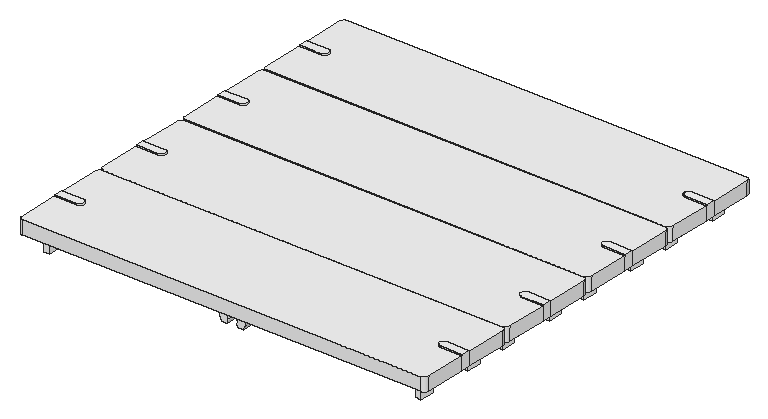
Revit family "Gira_5034219", category Electrical Fixtures, host Face, Revit 2017
Family settings
  Host = Face
  Maintain Annotation Orientation = No
  Round Connector Dimension = Use Diameter
  Part Type = Normal
  Cut with Voids When Loaded = No
  Shared = No
  Room Calculation Point = No
Parameters (values of type "rocker set 4-g inscr. PB sens.4 TS4 stainl.steel")
  URL = "https://www.gira.de/"
  Type Comments = ""
  Transparent = no
  Radio frequent bidirectional = no
  Model = ""
  Material quality = "Stainless steel"
  Material = "Metal"
  Manufacturer = "Gira"
  Keynote = ""
  HeinzeBIM = "https://www.heinze.de/bim/rocker-set-4-g-inscr-pb-sens-4-ts4-stainl-steel/b8be86abded098f9da8aa2fadabfccfd1aed0b71"
  HAN = "5034219"
  GTIN = "4010337072584"
  Description = ""
  Default Elevation = 1219.2 mm
  Cost = 0
  Colour = "Stainless steel"
  BIMSITE_PRODUCT_ID = "b8be86abded098f9da8aa2fadabfccfd1aed0b71"
  BIM = "https://media.live.bim.site/t/eyJhbGciOiJIUzI1NiIsInR5cCI6IkpXVCJ9.eyJjdCI6MSwidGYiOiJwdWJsaWMvZ2lyYS8wOWY1ZGI1LzQwXzUwMjEwMCBUUzQgV2lwcGVuc2V0IDRmYWNoLnJmYSIsImNpZCI6ImZlZDk4ZTlhLTFiZDgtNGM2OC1hNzNiLTc0YTk0ZTMxNTgyMyIsInJpZCI6Ijc3ODVhMjAzYjBjODBlZjRhZGY0ODhmOGJiZmNiMjA2IiwicGlkIjoiYjhiZTg2YWJkZWQwOThmOWRhOGFhMmZhZGFiZmNjZmQxYWVkMGI3MSIsInNpZCI6IjYzNDcwIiwidXQiOjUsImxjIjoiZW4iLCJpYXQiOjE2MDc0NDEwMjMsImlzcyI6Imh0dHBzOi8vYXBpLmxpdmUuYmltLnNpdGUiLCJzdWIiOiI4ZDNhYTVjYi1lMDY2LTQ1OTgtYmUxNi02ZTE2ZWU3NDk1NmEifQ.1jTYUhKOTM4NgYQ-bSbLvUKb3ptHDFtpVOa7AjJCcXI/40_502100 TS4 Wippenset 4fach.rfa"
  Assembly Code = ""
Reference planes
  plane 1 "Center (Front/Back)": y = 0
  plane 2: z = 0
  plane 3 "Center (Left/Right)": x = 0
Dimensions and locks
  aligned and locked: plane 2 to host face
  aligned and locked: level to host face
Nested families
  nested 1: "40_502100 TS4 Wippenset 4fach" at (0, 0, 0), type "40_502100 TS4 Wippenset 4fach"
Definition of nested family "40_502100 TS4 Wippenset 4fach"
  Parameters
    White = none
  Reference planes
    plane 1 "Center (Front/Back)": y = 0
    plane 2: z = 0
    plane 3 "Center (Left/Right)": x = 0
  Forms (mm)
    Extrusion 1, solid, material <- "White", detail levels fine
      sketch origin (0, 0, 0) x (1, 0, 0) y (0, 1, 0)
        loop
          arc (-46.5, 47.5) -> (-47.207, 47.207) -> (-47.5, 46.5) r 1
          line (-47.5, 46.5) -> (-47.5, 36.7) -> (-42.5, 36.7)
          arc (-42.5, 36.7) -> (-41.5, 35.7) -> (-42.5, 34.7) r 1
          line (-42.5, 34.7) -> (-47.5, 34.7) -> (-47.5, 24.95)
          arc (-47.5, 24.95) -> (-47.207, 24.243) -> (-46.5, 23.95) r 1
          line (-46.5, 23.95) -> (46.5, 23.95)
          arc (46.5, 23.95) -> (47.207, 24.243) -> (47.5, 24.95) r 1
          line (47.5, 24.95) -> (47.5, 34.7) -> (42.5, 34.7)
          arc (42.5, 34.7) -> (41.5, 35.7) -> (42.5, 36.7) r 1
          line (42.5, 36.7) -> (47.5, 36.7) -> (47.5, 46.5)
          arc (47.5, 46.5) -> (47.207, 47.207) -> (46.5, 47.5) r 1
          line (46.5, 47.5) -> (-46.5, 47.5)
      from 0 to 3.1
    Extrusion 2, solid, material <- "White", detail levels fine
      sketch origin (0, 0, 0) x (1, 0, 0) y (0, 1, 0)
        loop
          line (43.976, 44.188) -> (-43.976, 44.188) -> (-43.976, 27.198) -> (43.976, 27.198) -> (43.976, 44.188)
      from 0 to -1.5
    Extrusion 3, solid, detail levels fine
      sketch origin (0, 0, 0) x (1, 0, 0) y (0, 0, -1)
        loop
          line (-1.639, 4) -> (-2.5, 4) -> (-3.5, 1.5) -> (3.5, 1.5) -> (2.5, 4) -> (1.639, 4)
          arc (1.639, 4) -> (1.115, 3.694) -> (1.122, 3.087) r 0.603
          arc (1.122, 3.087) -> (-0.011, 1.666) -> (-1.122, 3.087) r 1.145
          arc (-1.122, 3.087) -> (-1.115, 3.694) -> (-1.639, 4) r 0.603
      from 41.985 to 44.199
    Extrusion 4, solid, material <- "White", detail levels medium
      sketch origin (0, 0, 0) x (1, 0, 0) y (0, 1, 0)
        loop
          line (43.976, 44.188) -> (-43.976, 44.188) -> (-43.976, 27.198) -> (43.976, 27.198) -> (43.976, 44.188)
      from 0 to -4
    Extrusion 5, solid, material <- "White", detail levels medium
      sketch origin (0, 0, 0) x (1, 0, 0) y (0, 1, 0)
        loop
          line (-47.5, 47.5) -> (-47.5, 23.95) -> (47.5, 23.95) -> (47.5, 47.5) -> (-47.5, 47.5)
      from 0 to 3.3
    Extrusion 6, solid, material <- "White", detail levels fine
      sketch origin (0, 0, 0) x (1, 0, 0) y (0, 1, 0)
        loop
          line (-43.976, 44.188) -> (-43.976, 40.908) -> (-42.655, 40.908) -> (-42.655, 44.188) -> (-43.976, 44.188)
        loop
          line (43.976, 44.188) -> (42.655, 44.188) -> (42.655, 40.908) -> (43.976, 40.908) -> (43.976, 44.188)
        loop
          line (-43.976, 27.198) -> (-42.655, 27.198) -> (-42.655, 30.479) -> (-43.976, 30.479) -> (-43.976, 27.198)
        loop
          line (43.976, 27.198) -> (43.976, 30.479) -> (42.655, 30.479) -> (42.655, 27.198) -> (43.976, 27.198)
      from 0 to -4
    Extrusion 7, solid, detail levels fine
      sketch origin (0, 35.7, 0) x (1, 0, 0) y (0, 1, 0)
        loop
          line (-47.5, 1) -> (-47.5, -1) -> (-42.5, -1)
          arc (-42.5, -1) -> (-41.5, 0) -> (-42.5, 1) r 1
          line (-42.5, 1) -> (-47.5, 1)
        loop
          line (47.5, 1) -> (42.5, 1)
          arc (42.5, 1) -> (41.5, 0) -> (42.5, -1) r 1
          line (42.5, -1) -> (47.5, -1) -> (47.5, 1)
      from 0 to 3.3
    Extrusion 8, solid, detail levels coarse
      sketch origin (0, 0, 0) x (1, 0, 0) y (0, 1, 0)
        loop
          line (-47.5, 47.5) -> (-47.5, -47.45) -> (47.5, -47.45) -> (47.5, 47.5) -> (-47.5, 47.5)
      from -4 to 3.3
    Extrusion 9, solid, material <- "White", detail levels fine
      sketch origin (0, 35.735, 0) x (1, 0, 0) y (0, 1, 0)
        loop
          line (-41.852, 6.181) -> (-43.976, 4.461) -> (-43.976, -4.461) -> (-41.852, -6.181)
          arc (-41.852, -6.181) -> (-38.884, -6.014) -> (-38.763, -3.043) r 2.212
          line (-38.763, -3.043) -> (-38.763, 3.043)
          arc (-38.763, 3.043) -> (-38.884, 6.014) -> (-41.852, 6.181) r 2.212
        loop
          arc (-39.415, 3.847) -> (-39.669, 5.38) -> (-41.223, 5.404) r 1.212
          line (-41.223, 5.404) -> (-42.938, 4.015) -> (-40.57, 1.883) -> (-39.415, 3.847)
        loop
          line (-39.415, -3.847) -> (-40.57, -1.883) -> (-42.938, -4.015) -> (-41.223, -5.404)
          arc (-41.223, -5.404) -> (-39.669, -5.38) -> (-39.415, -3.847) r 1.212
        loop
          arc (41.852, 6.181) -> (38.884, 6.014) -> (38.763, 3.043) r 2.212
          line (38.763, 3.043) -> (38.763, -3.043)
          arc (38.763, -3.043) -> (38.884, -6.014) -> (41.852, -6.181) r 2.212
          line (41.852, -6.181) -> (43.976, -4.461) -> (43.976, 4.461) -> (41.852, 6.181)
        loop
          line (39.415, 3.847) -> (40.57, 1.883) -> (42.938, 4.015) -> (41.223, 5.404)
          arc (41.223, 5.404) -> (39.669, 5.38) -> (39.415, 3.847) r 1.212
        loop
          arc (39.415, -3.847) -> (39.669, -5.38) -> (41.223, -5.404) r 1.212
          line (41.223, -5.404) -> (42.938, -4.015) -> (40.57, -1.883) -> (39.415, -3.847)
      from 0 to -3.1
    Extrusion 10, solid, material <- "White", detail levels fine
      sketch origin (0, -23.8, 0) x (1, 0, 0) y (0, 1, 0)
        loop
          arc (-46.5, 47.5) -> (-47.207, 47.207) -> (-47.5, 46.5) r 1
          line (-47.5, 46.5) -> (-47.5, 36.7) -> (-42.5, 36.7)
          arc (-42.5, 36.7) -> (-41.5, 35.7) -> (-42.5, 34.7) r 1
          line (-42.5, 34.7) -> (-47.5, 34.7) -> (-47.5, 24.95)
          arc (-47.5, 24.95) -> (-47.207, 24.243) -> (-46.5, 23.95) r 1
          line (-46.5, 23.95) -> (46.5, 23.95)
          arc (46.5, 23.95) -> (47.207, 24.243) -> (47.5, 24.95) r 1
          line (47.5, 24.95) -> (47.5, 34.7) -> (42.5, 34.7)
          arc (42.5, 34.7) -> (41.5, 35.7) -> (42.5, 36.7) r 1
          line (42.5, 36.7) -> (47.5, 36.7) -> (47.5, 46.5)
          arc (47.5, 46.5) -> (47.207, 47.207) -> (46.5, 47.5) r 1
          line (46.5, 47.5) -> (-46.5, 47.5)
      from 0 to 3.1
    Extrusion 11, solid, material <- "White", detail levels fine
      sketch origin (0, -23.8, 0) x (1, 0, 0) y (0, 1, 0)
        loop
          line (43.976, 44.188) -> (-43.976, 44.188) -> (-43.976, 27.198) -> (43.976, 27.198) -> (43.976, 44.188)
      from 0 to -1.5
    Extrusion 12, solid, detail levels fine
      sketch origin (0, -23.8, 0) x (1, 0, 0) y (0, 0, -1)
        loop
          line (-1.639, 4) -> (-2.5, 4) -> (-3.5, 1.5) -> (3.5, 1.5) -> (2.5, 4) -> (1.639, 4)
          arc (1.639, 4) -> (1.115, 3.694) -> (1.122, 3.087) r 0.603
          arc (1.122, 3.087) -> (-0.011, 1.666) -> (-1.122, 3.087) r 1.145
          arc (-1.122, 3.087) -> (-1.115, 3.694) -> (-1.639, 4) r 0.603
      from 41.985 to 44.199
    Extrusion 13, solid, material <- "White", detail levels medium
      sketch origin (0, -23.8, 0) x (1, 0, 0) y (0, 1, 0)
        loop
          line (43.976, 44.188) -> (-43.976, 44.188) -> (-43.976, 27.198) -> (43.976, 27.198) -> (43.976, 44.188)
      from 0 to -4
    Extrusion 14, solid, material <- "White", detail levels medium
      sketch origin (0, -23.8, 0) x (1, 0, 0) y (0, 1, 0)
        loop
          line (-47.5, 47.5) -> (-47.5, 23.95) -> (47.5, 23.95) -> (47.5, 47.5) -> (-47.5, 47.5)
      from 0 to 3.3
    Extrusion 15, solid, material <- "White", detail levels fine
      sketch origin (0, -23.8, 0) x (1, 0, 0) y (0, 1, 0)
        loop
          line (-43.976, 44.188) -> (-43.976, 40.908) -> (-42.655, 40.908) -> (-42.655, 44.188) -> (-43.976, 44.188)
        loop
          line (43.976, 44.188) -> (42.655, 44.188) -> (42.655, 40.908) -> (43.976, 40.908) -> (43.976, 44.188)
        loop
          line (-43.976, 27.198) -> (-42.655, 27.198) -> (-42.655, 30.479) -> (-43.976, 30.479) -> (-43.976, 27.198)
        loop
          line (43.976, 27.198) -> (43.976, 30.479) -> (42.655, 30.479) -> (42.655, 27.198) -> (43.976, 27.198)
      from 0 to -4
    Extrusion 16, solid, detail levels fine
      sketch origin (0, 11.9, 0) x (1, 0, 0) y (0, 1, 0)
        loop
          line (-47.5, 1) -> (-47.5, -1) -> (-42.5, -1)
          arc (-42.5, -1) -> (-41.5, 0) -> (-42.5, 1) r 1
          line (-42.5, 1) -> (-47.5, 1)
        loop
          line (47.5, 1) -> (42.5, 1)
          arc (42.5, 1) -> (41.5, 0) -> (42.5, -1) r 1
          line (42.5, -1) -> (47.5, -1) -> (47.5, 1)
      from 0 to 3.3
    Extrusion 17, solid, material <- "White", detail levels fine
      sketch origin (0, 11.935, 0) x (1, 0, 0) y (0, 1, 0)
        loop
          line (-41.852, 6.181) -> (-43.976, 4.461) -> (-43.976, -4.461) -> (-41.852, -6.181)
          arc (-41.852, -6.181) -> (-38.884, -6.014) -> (-38.763, -3.043) r 2.212
          line (-38.763, -3.043) -> (-38.763, 3.043)
          arc (-38.763, 3.043) -> (-38.884, 6.014) -> (-41.852, 6.181) r 2.212
        loop
          arc (-39.415, 3.847) -> (-39.669, 5.38) -> (-41.223, 5.404) r 1.212
          line (-41.223, 5.404) -> (-42.938, 4.015) -> (-40.57, 1.883) -> (-39.415, 3.847)
        loop
          line (-39.415, -3.847) -> (-40.57, -1.883) -> (-42.938, -4.015) -> (-41.223, -5.404)
          arc (-41.223, -5.404) -> (-39.669, -5.38) -> (-39.415, -3.847) r 1.212
        loop
          arc (41.852, 6.181) -> (38.884, 6.014) -> (38.763, 3.043) r 2.212
          line (38.763, 3.043) -> (38.763, -3.043)
          arc (38.763, -3.043) -> (38.884, -6.014) -> (41.852, -6.181) r 2.212
          line (41.852, -6.181) -> (43.976, -4.461) -> (43.976, 4.461) -> (41.852, 6.181)
        loop
          line (39.415, 3.847) -> (40.57, 1.883) -> (42.938, 4.015) -> (41.223, 5.404)
          arc (41.223, 5.404) -> (39.669, 5.38) -> (39.415, 3.847) r 1.212
        loop
          arc (39.415, -3.847) -> (39.669, -5.38) -> (41.223, -5.404) r 1.212
          line (41.223, -5.404) -> (42.938, -4.015) -> (40.57, -1.883) -> (39.415, -3.847)
      from 0 to -3.1
    Extrusion 18, solid, material <- "White", detail levels fine
      sketch origin (0, -47.65, 0) x (1, 0, 0) y (0, 1, 0)
        loop
          arc (-46.5, 47.5) -> (-47.207, 47.207) -> (-47.5, 46.5) r 1
          line (-47.5, 46.5) -> (-47.5, 36.7) -> (-42.5, 36.7)
          arc (-42.5, 36.7) -> (-41.5, 35.7) -> (-42.5, 34.7) r 1
          line (-42.5, 34.7) -> (-47.5, 34.7) -> (-47.5, 24.95)
          arc (-47.5, 24.95) -> (-47.207, 24.243) -> (-46.5, 23.95) r 1
          line (-46.5, 23.95) -> (46.5, 23.95)
          arc (46.5, 23.95) -> (47.207, 24.243) -> (47.5, 24.95) r 1
          line (47.5, 24.95) -> (47.5, 34.7) -> (42.5, 34.7)
          arc (42.5, 34.7) -> (41.5, 35.7) -> (42.5, 36.7) r 1
          line (42.5, 36.7) -> (47.5, 36.7) -> (47.5, 46.5)
          arc (47.5, 46.5) -> (47.207, 47.207) -> (46.5, 47.5) r 1
          line (46.5, 47.5) -> (-46.5, 47.5)
      from 0 to 3.1
    Extrusion 19, solid, material <- "White", detail levels fine
      sketch origin (0, -47.65, 0) x (1, 0, 0) y (0, 1, 0)
        loop
          line (43.976, 44.188) -> (-43.976, 44.188) -> (-43.976, 27.198) -> (43.976, 27.198) -> (43.976, 44.188)
      from 0 to -1.5
    Extrusion 20, solid, detail levels fine
      sketch origin (0, -47.65, 0) x (1, 0, 0) y (0, 0, -1)
        loop
          line (-1.639, 4) -> (-2.5, 4) -> (-3.5, 1.5) -> (3.5, 1.5) -> (2.5, 4) -> (1.639, 4)
          arc (1.639, 4) -> (1.115, 3.694) -> (1.122, 3.087) r 0.603
          arc (1.122, 3.087) -> (-0.011, 1.666) -> (-1.122, 3.087) r 1.145
          arc (-1.122, 3.087) -> (-1.115, 3.694) -> (-1.639, 4) r 0.603
      from 41.985 to 44.199
    Extrusion 21, solid, material <- "White", detail levels medium
      sketch origin (0, -47.65, 0) x (1, 0, 0) y (0, 1, 0)
        loop
          line (43.976, 44.188) -> (-43.976, 44.188) -> (-43.976, 27.198) -> (43.976, 27.198) -> (43.976, 44.188)
      from 0 to -4
    Extrusion 22, solid, material <- "White", detail levels medium
      sketch origin (0, -47.65, 0) x (1, 0, 0) y (0, 1, 0)
        loop
          line (-47.5, 47.5) -> (-47.5, 23.95) -> (47.5, 23.95) -> (47.5, 47.5) -> (-47.5, 47.5)
      from 0 to 3.3
    Extrusion 23, solid, material <- "White", detail levels fine
      sketch origin (0, -47.65, 0) x (1, 0, 0) y (0, 1, 0)
        loop
          line (-43.976, 44.188) -> (-43.976, 40.908) -> (-42.655, 40.908) -> (-42.655, 44.188) -> (-43.976, 44.188)
        loop
          line (43.976, 44.188) -> (42.655, 44.188) -> (42.655, 40.908) -> (43.976, 40.908) -> (43.976, 44.188)
        loop
          line (-43.976, 27.198) -> (-42.655, 27.198) -> (-42.655, 30.479) -> (-43.976, 30.479) -> (-43.976, 27.198)
        loop
          line (43.976, 27.198) -> (43.976, 30.479) -> (42.655, 30.479) -> (42.655, 27.198) -> (43.976, 27.198)
      from 0 to -4
    Extrusion 24, solid, detail levels fine
      sketch origin (0, -11.95, 0) x (1, 0, 0) y (0, 1, 0)
        loop
          line (-47.5, 1) -> (-47.5, -1) -> (-42.5, -1)
          arc (-42.5, -1) -> (-41.5, 0) -> (-42.5, 1) r 1
          line (-42.5, 1) -> (-47.5, 1)
        loop
          line (47.5, 1) -> (42.5, 1)
          arc (42.5, 1) -> (41.5, 0) -> (42.5, -1) r 1
          line (42.5, -1) -> (47.5, -1) -> (47.5, 1)
      from 0 to 3.3
    Extrusion 25, solid, material <- "White", detail levels fine
      sketch origin (0, -11.915, 0) x (1, 0, 0) y (0, 1, 0)
        loop
          line (-41.852, 6.181) -> (-43.976, 4.461) -> (-43.976, -4.461) -> (-41.852, -6.181)
          arc (-41.852, -6.181) -> (-38.884, -6.014) -> (-38.763, -3.043) r 2.212
          line (-38.763, -3.043) -> (-38.763, 3.043)
          arc (-38.763, 3.043) -> (-38.884, 6.014) -> (-41.852, 6.181) r 2.212
        loop
          arc (-39.415, 3.847) -> (-39.669, 5.38) -> (-41.223, 5.404) r 1.212
          line (-41.223, 5.404) -> (-42.938, 4.015) -> (-40.57, 1.883) -> (-39.415, 3.847)
        loop
          line (-39.415, -3.847) -> (-40.57, -1.883) -> (-42.938, -4.015) -> (-41.223, -5.404)
          arc (-41.223, -5.404) -> (-39.669, -5.38) -> (-39.415, -3.847) r 1.212
        loop
          arc (41.852, 6.181) -> (38.884, 6.014) -> (38.763, 3.043) r 2.212
          line (38.763, 3.043) -> (38.763, -3.043)
          arc (38.763, -3.043) -> (38.884, -6.014) -> (41.852, -6.181) r 2.212
          line (41.852, -6.181) -> (43.976, -4.461) -> (43.976, 4.461) -> (41.852, 6.181)
        loop
          line (39.415, 3.847) -> (40.57, 1.883) -> (42.938, 4.015) -> (41.223, 5.404)
          arc (41.223, 5.404) -> (39.669, 5.38) -> (39.415, 3.847) r 1.212
        loop
          arc (39.415, -3.847) -> (39.669, -5.38) -> (41.223, -5.404) r 1.212
          line (41.223, -5.404) -> (42.938, -4.015) -> (40.57, -1.883) -> (39.415, -3.847)
      from 0 to -3.1
    Extrusion 26, solid, material <- "White", detail levels fine
      sketch origin (0, -71.4, 0) x (1, 0, 0) y (0, 1, 0)
        loop
          arc (-46.5, 47.5) -> (-47.207, 47.207) -> (-47.5, 46.5) r 1
          line (-47.5, 46.5) -> (-47.5, 36.7) -> (-42.5, 36.7)
          arc (-42.5, 36.7) -> (-41.5, 35.7) -> (-42.5, 34.7) r 1
          line (-42.5, 34.7) -> (-47.5, 34.7) -> (-47.5, 24.95)
          arc (-47.5, 24.95) -> (-47.207, 24.243) -> (-46.5, 23.95) r 1
          line (-46.5, 23.95) -> (46.5, 23.95)
          arc (46.5, 23.95) -> (47.207, 24.243) -> (47.5, 24.95) r 1
          line (47.5, 24.95) -> (47.5, 34.7) -> (42.5, 34.7)
          arc (42.5, 34.7) -> (41.5, 35.7) -> (42.5, 36.7) r 1
          line (42.5, 36.7) -> (47.5, 36.7) -> (47.5, 46.5)
          arc (47.5, 46.5) -> (47.207, 47.207) -> (46.5, 47.5) r 1
          line (46.5, 47.5) -> (-46.5, 47.5)
      from 0 to 3.1
    Extrusion 27, solid, material <- "White", detail levels fine
      sketch origin (0, -71.4, 0) x (1, 0, 0) y (0, 1, 0)
        loop
          line (43.976, 44.188) -> (-43.976, 44.188) -> (-43.976, 27.198) -> (43.976, 27.198) -> (43.976, 44.188)
      from 0 to -1.5
    Extrusion 28, solid, detail levels fine
      sketch origin (0, -71.4, 0) x (1, 0, 0) y (0, 0, -1)
        loop
          line (-1.639, 4) -> (-2.5, 4) -> (-3.5, 1.5) -> (3.5, 1.5) -> (2.5, 4) -> (1.639, 4)
          arc (1.639, 4) -> (1.115, 3.694) -> (1.122, 3.087) r 0.603
          arc (1.122, 3.087) -> (-0.011, 1.666) -> (-1.122, 3.087) r 1.145
          arc (-1.122, 3.087) -> (-1.115, 3.694) -> (-1.639, 4) r 0.603
      from 41.985 to 44.199
    Extrusion 29, solid, material <- "White", detail levels medium
      sketch origin (0, -71.4, 0) x (1, 0, 0) y (0, 1, 0)
        loop
          line (43.976, 44.188) -> (-43.976, 44.188) -> (-43.976, 27.198) -> (43.976, 27.198) -> (43.976, 44.188)
      from 0 to -4
    Extrusion 30, solid, material <- "White", detail levels medium
      sketch origin (0, -71.4, 0) x (1, 0, 0) y (0, 1, 0)
        loop
          line (-47.5, 47.5) -> (-47.5, 23.95) -> (47.5, 23.95) -> (47.5, 47.5) -> (-47.5, 47.5)
      from 0 to 3.3
    Extrusion 31, solid, material <- "White", detail levels fine
      sketch origin (0, -71.4, 0) x (1, 0, 0) y (0, 1, 0)
        loop
          line (-43.976, 44.188) -> (-43.976, 40.908) -> (-42.655, 40.908) -> (-42.655, 44.188) -> (-43.976, 44.188)
        loop
          line (43.976, 44.188) -> (42.655, 44.188) -> (42.655, 40.908) -> (43.976, 40.908) -> (43.976, 44.188)
        loop
          line (-43.976, 27.198) -> (-42.655, 27.198) -> (-42.655, 30.479) -> (-43.976, 30.479) -> (-43.976, 27.198)
        loop
          line (43.976, 27.198) -> (43.976, 30.479) -> (42.655, 30.479) -> (42.655, 27.198) -> (43.976, 27.198)
      from 0 to -4
    Extrusion 32, solid, detail levels fine
      sketch origin (0, -35.7, 0) x (1, 0, 0) y (0, 1, 0)
        loop
          line (-47.5, 1) -> (-47.5, -1) -> (-42.5, -1)
          arc (-42.5, -1) -> (-41.5, 0) -> (-42.5, 1) r 1
          line (-42.5, 1) -> (-47.5, 1)
        loop
          line (47.5, 1) -> (42.5, 1)
          arc (42.5, 1) -> (41.5, 0) -> (42.5, -1) r 1
          line (42.5, -1) -> (47.5, -1) -> (47.5, 1)
      from 0 to 3.3
    Extrusion 33, solid, material <- "White", detail levels fine
      sketch origin (0, -35.665, 0) x (1, 0, 0) y (0, 1, 0)
        loop
          line (-41.852, 6.181) -> (-43.976, 4.461) -> (-43.976, -4.461) -> (-41.852, -6.181)
          arc (-41.852, -6.181) -> (-38.884, -6.014) -> (-38.763, -3.043) r 2.212
          line (-38.763, -3.043) -> (-38.763, 3.043)
          arc (-38.763, 3.043) -> (-38.884, 6.014) -> (-41.852, 6.181) r 2.212
        loop
          arc (-39.415, 3.847) -> (-39.669, 5.38) -> (-41.223, 5.404) r 1.212
          line (-41.223, 5.404) -> (-42.938, 4.015) -> (-40.57, 1.883) -> (-39.415, 3.847)
        loop
          line (-39.415, -3.847) -> (-40.57, -1.883) -> (-42.938, -4.015) -> (-41.223, -5.404)
          arc (-41.223, -5.404) -> (-39.669, -5.38) -> (-39.415, -3.847) r 1.212
        loop
          arc (41.852, 6.181) -> (38.884, 6.014) -> (38.763, 3.043) r 2.212
          line (38.763, 3.043) -> (38.763, -3.043)
          arc (38.763, -3.043) -> (38.884, -6.014) -> (41.852, -6.181) r 2.212
          line (41.852, -6.181) -> (43.976, -4.461) -> (43.976, 4.461) -> (41.852, 6.181)
        loop
          line (39.415, 3.847) -> (40.57, 1.883) -> (42.938, 4.015) -> (41.223, 5.404)
          arc (41.223, 5.404) -> (39.669, 5.38) -> (39.415, 3.847) r 1.212
        loop
          arc (39.415, -3.847) -> (39.669, -5.38) -> (41.223, -5.404) r 1.212
          line (41.223, -5.404) -> (42.938, -4.015) -> (40.57, -1.883) -> (39.415, -3.847)
      from 0 to -3.1
    Extrusion 34, solid, detail levels fine
      sketch origin (0, 71.387, 0) x (1, 0, 0) y (0, 0, 1)
        loop
          arc (-1.639, -4) -> (-1.115, -3.694) -> (-1.122, -3.087) r 0.603
          arc (-1.122, -3.087) -> (-0.011, -1.666) -> (1.122, -3.087) r 1.145
          arc (1.122, -3.087) -> (1.115, -3.694) -> (1.639, -4) r 0.603
          line (1.639, -4) -> (2.5, -4) -> (3.5, -1.5) -> (-3.5, -1.5) -> (-2.5, -4) -> (-1.639, -4)
      from 41.985 to 44.199
    Extrusion 35, solid, detail levels fine
      sketch origin (0, 47.597, 0) x (1, 0, 0) y (0, 0, 1)
        loop
          arc (-1.639, -4) -> (-1.115, -3.694) -> (-1.122, -3.087) r 0.603
          arc (-1.122, -3.087) -> (-0.011, -1.666) -> (1.122, -3.087) r 1.145
          arc (1.122, -3.087) -> (1.115, -3.694) -> (1.639, -4) r 0.603
          line (1.639, -4) -> (2.5, -4) -> (3.5, -1.5) -> (-3.5, -1.5) -> (-2.5, -4) -> (-1.639, -4)
      from 41.985 to 44.199
    Extrusion 36, solid, detail levels fine
      sketch origin (0, 23.747, 0) x (1, 0, 0) y (0, 0, 1)
        loop
          arc (-1.639, -4) -> (-1.115, -3.694) -> (-1.122, -3.087) r 0.603
          arc (-1.122, -3.087) -> (-0.011, -1.666) -> (1.122, -3.087) r 1.145
          arc (1.122, -3.087) -> (1.115, -3.694) -> (1.639, -4) r 0.603
          line (1.639, -4) -> (2.5, -4) -> (3.5, -1.5) -> (-3.5, -1.5) -> (-2.5, -4) -> (-1.639, -4)
      from 41.985 to 44.199
    Extrusion 37, solid, detail levels fine
      sketch origin (0, -0.003, 0) x (1, 0, 0) y (0, 0, 1)
        loop
          arc (-1.639, -4) -> (-1.115, -3.694) -> (-1.122, -3.087) r 0.603
          arc (-1.122, -3.087) -> (-0.011, -1.666) -> (1.122, -3.087) r 1.145
          arc (1.122, -3.087) -> (1.115, -3.694) -> (1.639, -4) r 0.603
          line (1.639, -4) -> (2.5, -4) -> (3.5, -1.5) -> (-3.5, -1.5) -> (-2.5, -4) -> (-1.639, -4)
      from 41.985 to 44.199
  Cuts and joins
    joined: Extrusion 2, Extrusion 6, Extrusion 9
  Dimensions and locks
    aligned and locked: level to plane 2
